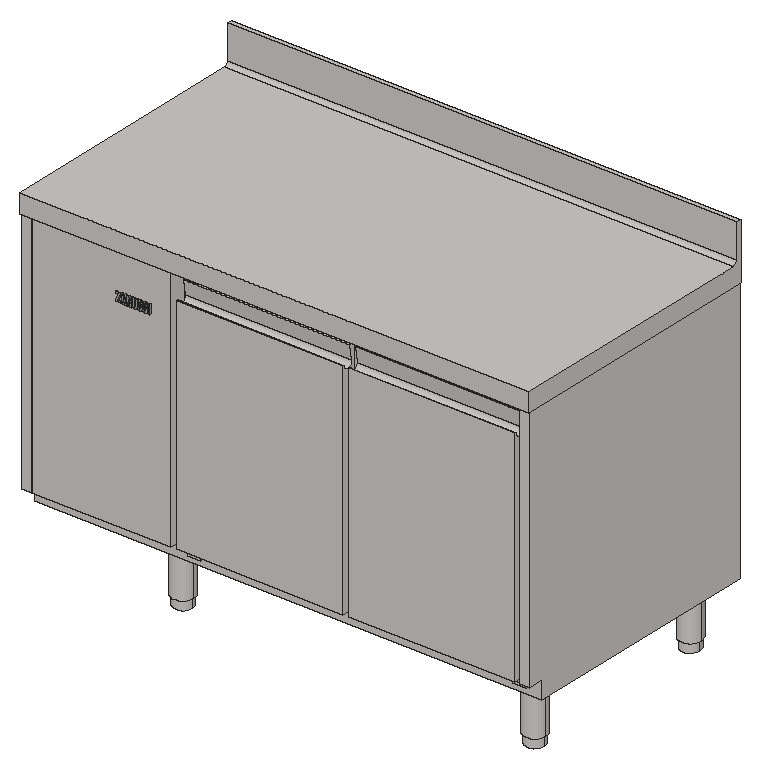
Revit family "QF_ZANUSSI_111022_ZH2H3AA", category Specialty Equipment, Revit 2018
Family settings
  Round Connector Dimension = Use Diameter
  Part Type = Normal
  Work Plane-Based = No
  Always vertical = Yes
  Cut with Voids When Loaded = No
  Shared = No
  Room Calculation Point = No
Parameters
  Weight = 0.00 kg
  Watts = 0.0232258 W
  Volts = 220 V
  URL Manufacturer = "http://www.zanussiprofessional.com/"
  URL = "http://www.zanussiprofessional.com/"
  Steam Supply Size = 0 mm
  Steam Supply Minimum Pressure = 0.0 Pa
  Steam Supply Maximum Pressure = 0.0 Pa
  Steam Pounds per Hour = 0
  Show Logo [instance] = yes
  Show Clearance [instance] = yes
  Refrigeration Suction Line Size = 0 mm
  Refrigeration Liquid Line Size = 0 mm
  Refrigerant Compressor Remote = yes
  Manufacturer = "Zanussi"
  Phase = 1
  Model = "ZH2H3AA"
  Length Actual = 1345 mm  # constant formula
  Item Number = "111022"
  Hot Water Size = 0 mm
  Height Actual = 1000 mm  # constant formula
  HP = "0.3 HP"
  Gas Size = 0 mm
  Gas KW = 0
  Gas Input Pressure = 0 W
  Description = "2 DOORS REFRIGER.TABLE 290L-SPLASHB"
  Depth Actual = 700 mm  # constant formula
  Cycle = 50 Hz
  Condensate Return Size = 0 mm
  Compressed Air Volume = 0.0 L/s
  Compressed Air Size = 0 mm
  Compressed Air Pressure = 0.0 Pa
  Cold Water Size = 0 mm
  Accessory = yes
Reference planes
  plane 1 "Center X": y = 182.5
  plane 2: z = 0
  plane 3 "Center Y": x = -126.5
  plane 4: y = -62.5
  plane 5: y = 451.5
  plane 6 "BACK": y = 532.5
  plane 7 "FRONT": y = -167.5
  plane 8: x = -452
  plane 9: x = 478
  plane 10: z = 150
  plane 11 "TOP": z = 900
  plane 12: z = 850
  plane 13 "LEFT": x = -797
  plane 14 "RIGHT": x = 544
  plane 15: x = -799
  plane 16: x = 546
Forms (mm)
  Extrusion 1, solid, material "QF_Finishes_Stainless Steel"
    sketch origin (-126.5, 2, 0) x (0, 1, 0) y (0, 0, 1)
      loop
        line (530.5, 150) -> (530.5, 850) -> (-124.5, 850) -> (-124.5, 150) -> (530.5, 150)
    from -670.5 to 670.5
  Extrusion 2, solid, material "QF_Finishes_Stainless Steel"
    sketch origin (-1022.223, -1524, 150) x (-1, 0, 0) y (0, -1, 0)
      loop
        line (-225.223, -1361.5) -> (-250.223, -1361.5) -> (-250.223, -1401.5) -> (-225.223, -1401.5) -> (-225.223, -1361.5)
      loop
        line (-1566.223, -1401.5) -> (-1541.223, -1401.5) -> (-1541.223, -1361.5) -> (-1566.223, -1361.5) -> (-1566.223, -1401.5)
    from 47 to 700
  Extrusion 3, solid, material "QF_Finishes_Stainless Steel"
    sketch origin (0, 0, 900) x (-1, 0, 0) y (0, -1, 0)
      loop
        circle (-57, -94.5) r 8.45
    from -790.577 to -750
  Extrusion 4, solid, material "QF_Finishes_Stainless Steel"
    sketch origin (0, 0, 0) x (1, 0, 0) y (0, 1, 0)
      loop
        circle (-713, 451.5) r 4
    from 109.423 to 150
  Extrusion 5, solid, material "QF_Finishes_Stainless Steel"
    sketch origin (-126.5, 0, 0) x (0, 1, 0) y (0, 0, 1)
      loop
        line (-167.5, 900) -> (-167.5, 850) -> (532.5, 850) -> (532.5, 1000) -> (519.5, 1000) -> (519.5, 910)
        arc (519.5, 910) -> (516.571, 902.929) -> (509.5, 900) r 10
        line (509.5, 900) -> (-167.5, 900)
    from 672.5 to -672.5
Cuts and joins
  joined: Extrusion 1, Extrusion 2
Lines and regions (mm)
  symbolic lines, style "SpecialityEquipmentHiddenLines"
    curve 1: line (-799, -122.5, 900) -> (546, -122.5, 900)
    curve 2: line (-396, -167.5, 900) -> (-396, -122.5, 900)
  symbolic lines, style "SpecialityEquipment"
    curve 3: line (-799, 532.5, 900) -> (546, 532.5, 900)
    curve 4: line (-799, 532.5, 900) -> (-799, -167.5, 900)
    curve 5: line (-799, -167.5, 900) -> (546, -167.5, 900)
    curve 6: line (546, -167.5, 900) -> (546, 532.5, 900)
    curve 7: line (-799, 519.5, 900) -> (546, 519.5, 900)
Dimensions and locks
  locked: plane 6 "BACK" to plane 7 "FRONT" at 700
  equal spacing: plane 6 "BACK", plane 1 "Center X", plane 7 "FRONT"
  locked: plane 6 "BACK" to plane 5 at 81
  plane 10 to level = 150 mm
  plane 11 "TOP" to plane 12 to plane 10 = 50 mm locked, 700 mm locked
  locked: Extrusion 2 sketch curve to Extrusion 2 sketch curve at 25  (x2)
  locked: plane 4 to plane 7 "FRONT" at 105
  locked: plane 6 "BACK" to Extrusion 3 sketch curve at 438
  equal spacing: plane 13 "LEFT", plane 3 "Center Y", plane 14 "RIGHT"
  plane 15 to plane 16 = 1345 mm
  locked: plane 13 "LEFT" to plane 8 at 345
  locked: plane 9 to plane 14 "RIGHT" at 66
  locked: Extrusion 3 sketch curve to plane 14 "RIGHT" at 487
  plane 13 "LEFT" to Extrusion 4 sketch curve = 84 mm
  locked: plane 6 "BACK" to Extrusion 4 sketch curve at 81
  locked: plane 10 to Extrusion 4 at 40.577
  aligned and locked: level to plane 2
  aligned and locked: plane 10 to Extrusion 3
  aligned and locked: nested 4 to plane 4
  aligned and locked: nested 1 to plane 4
  aligned and locked: nested 3 to plane 5
  aligned and locked: nested 2 to plane 5
  aligned and locked: plane 8 to nested 1
  aligned and locked: plane 8 to nested 2
  aligned and locked: plane 9 to nested 4
  aligned and locked: plane 9 to nested 3
  aligned and locked: Extrusion 1 to Extrusion 2
  aligned and locked: Extrusion 2 to Extrusion 1
  aligned and locked: Extrusion 2 sketch curve to plane 14 "RIGHT"
  aligned and locked: plane 13 "LEFT" to Extrusion 2 sketch curve
  aligned and locked: cut or joined group of Extrusion 1, Extrusion 2 to plane 10
  aligned and locked: plane 12 to cut or joined group of Extrusion 1, Extrusion 2
  aligned and locked: plane 10 to Extrusion 4
  aligned and locked: Extrusion 5 sketch curve to plane 11 "TOP"
  aligned and locked: plane 7 "FRONT" to Extrusion 5 sketch curve
  aligned and locked: Extrusion 5 sketch curve to cut or joined group of Extrusion 1, Extrusion 2  (x2)
  aligned and locked: Extrusion 5 to curve 3
Automatic sketch dimensions
  plane 7 "FRONT" to Extrusion 2 sketch curve = 45 mm  (x2)
  plane 7 "FRONT" to Extrusion 2 sketch curve = 5 mm  (x2)
  Extrusion 1 sketch curve to plane 10 = 0 mm
  Extrusion 1 sketch curve to plane 12 = 0 mm
  Extrusion 1 sketch curve to plane 6 "BACK" = 0 mm
  plane 7 "FRONT" to Extrusion 1 sketch curve = 45 mm
  plane 11 "TOP" to Extrusion 5 sketch curve = 10 mm
  Extrusion 5 sketch curve to plane 6 "BACK" = 23 mm
  Extrusion 5 sketch curve to Extrusion 5 sketch curve = 90 mm
  curve 2 to plane 7 "FRONT" = 0 mm
  curve 5 to plane 15 = 0 mm
  curve 3 to plane 6 "BACK" = 0 mm
  plane 8 to curve 2 = 56 mm
  curve 7 to plane 6 "BACK" = 13 mm
  plane 7 "FRONT" to curve 1 = 45 mm
  radius of Extrusion 3 sketch curve = 8.45 mm
  radius of Extrusion 4 sketch curve = 4 mm
Nested families
  nested 1: "Foot_Ø50_H150" at (-452, -62.5, 0), type "Foot_Ø50_H150"
  nested 2: "Foot_Ø50_H150" at (-452, 451.5, 0), type "Foot_Ø50_H150"
  nested 3: "Foot_Ø50_H150" at (478, 451.5, 0), type "Foot_Ø50_H150"
  nested 4: "Foot_Ø50_H150" at (478, -62.5, 0), type "Foot_Ø50_H150"
  nested 5: "Door" at (285, -164.5, 0), Show Clearance <- "Show Clearance", type "Door"
  nested 6: "Door" at (-169, -164.5, 0) x (-1, 0, 0) z (0, 0, 1), Show Clearance <- "Show Clearance", type "Door"
  nested 7: "Refrigerator" at (544, -167.5, 900), type "Refrigerator"
  nested 8: "ZAN_Cooling Unit" at (-587.5, -164.5, 0), Show Logo <- "Show Logo", type "ZAN_Cooling Unit"
Connectors
  electrical at (-713, 451.5, 109.423), driven by "Volts"
    settings: on Extrusion 4, index 4, voltage 220 V, apparent load 0 VA, apparent load phase1 0 VA, apparent load phase2 0 VA, apparent load phase3 0 VA, power factor 1, load classification "Altro", number of poles 1, system type 30, power factor state 1, is connector primary yes, connector utility no, sub classification motor no, connector description "Electrical Connection"
  piping at (57, 94.5, 109.423), diameter 17
    settings: on Extrusion 3, index 5, connector inside diameter 609.6 mm, connector length 0 mm, flow factor 0, pipe flow 0.0 L/s, pressure drop 0.0 Pa, fitting loss kfactor 0, connector angle 0.00°, fixture units 0, engagement length 0 mm, angle of deflection 0.00°, flow configuration 1, flow direction 2, fitting loss method 0, system type 16, joint type 0, gender type 0, connector reference index -1, connector utility 0, adjustable connector no, is connector primary yes, connector description "Drain"
Definition of nested family "Foot_Ø50_H150"
  Reference planes
    plane 1 "Centro (Fronte/Retro)": y = 0
    plane 2: z = 0
    plane 3 "Centro (Sinistra/Destra)": x = 0
    plane 4: z = 150
  Forms (mm)
    Revolve 1, solid
      sketch origin (255.05, 0, 608.09) x (0, 0, 1) y (-1, 0, 0)
        loop
          line (-608.09, 255.05) -> (-608.09, 230.05) -> (-583.09, 230.05) -> (-583.09, 226.05) -> (-458.09, 226.05) -> (-458.09, 255.05) -> (-608.09, 255.05)
        axis (-608.09, 255.05) -> (-458.09, 255.05)
      angle from 0 to 360
  Dimensions and locks
    locked: Revolve 1 sketch curve to Revolve 1 sketch curve at 125
    aligned and locked: level to plane 2
    aligned and locked: plane 4 to Revolve 1 sketch curve
    aligned and locked: Revolve 1 sketch curve to level
    aligned and locked: plane 3 "Centro (Sinistra/Destra)" to Revolve 1 sketch curve
Definition of nested family "Door"
  Parameters
    Show Clearance [instance] = yes
  Reference planes
    plane 1 "FRONT": y = -3
    plane 2: z = 0
    plane 3 "Centro (Sinistra/Destra)": x = 0
    plane 4: z = 150
    plane 5: z = 850
    plane 6: x = -234
    plane 7: x = 234
    plane 8: x = -220
    plane 9: x = 220
  Forms (mm)
    Extrusion 1, solid
      sketch origin (0, 53, 511) x (0, 0, 1) y (0, -1, 0)
        loop
          line (-323.003, 28.5) -> (-316.501, 28.5) -> (-316.501, 31) -> (-325.503, 31) -> (-325.503, 13.5) -> (-345.503, 13.5) -> (-345.503, 11) -> (-323.003, 11) -> (-323.003, 23.259) -> (-323.003, 28.5)
        loop
          line (-314, 27) -> (-316.501, 27) -> (-316.501, 18.501) -> (-319.752, 18.501) -> (-319.752, 16) -> (-314, 16) -> (-314, 27)
        loop
          line (315.003, 27) -> (315.003, 13.948) -> (315.003, 11) -> (327.503, 11) -> (327.503, 13.5) -> (317.503, 13.5) -> (317.503, 27) -> (315.003, 27)
      from 185 to 220
    Extrusion 2, solid, visible <- "Show Clearance", detail levels coarse
      sketch origin (0, 53, 511) x (0, -1, 0) y (1, 0, 0)
        loop
          line (51, 220) -> (51, -220)
          arc (51, -220) -> (339.234, -79.44) -> (454, 220) r 437.168
          line (454, 220) -> (51, 220)
      from -314 to 314
    Extrusion 3, solid
      sketch origin (0, 55, 511) x (0, 0, 1) y (0, -1, 0)
        loop
          line (314, 18) -> (314, 29) -> (274.395, 22.5)
          arc (274.395, 22.5) -> (260.395, 36.5) -> (274.395, 50.5) r 14
          line (274.395, 50.5) -> (274.395, 53) -> (-314, 53) -> (-314, 18) -> (314, 18)
      from -220 to 220
  Lines and regions (mm)
    symbolic lines
      curve 1: line (220, -3, 0) -> (220, -401, 0)
      curve 2: line (220, -401, 0) -> (185, -401, 0)
      curve 3: line (185, -401, 0) -> (185, -3, 0)
      curve 4: arc (-219.722, -3, 0) -> (-89.51, -275.368, 0) -> (185, -401, 0) r 442.855
  Dimensions and locks
    aligned and locked: level to plane 2
Definition of nested family "ZAN_Cooling Unit"
  Parameters
    Show Logo [instance] = yes
  Reference planes
    plane 1 "FRONT": y = -3
    plane 2: z = 0
    plane 3 "Centro (Sinistra/Destra)": x = 0
    plane 4: z = 150
    plane 5: z = 850
    plane 6: x = -184.5
    plane 7: x = 184.5
  Forms (mm)
    Extrusion 1, solid
      sketch origin (0, 55, 511) x (0, 0, 1) y (0, -1, 0)
        loop
          line (-314, 53) -> (-314, 13) -> (339, 13) -> (339, 53) -> (-314, 53)
      from -184.5 to 184.5
  Lines and regions (mm)
    Split face 1
      outline origin (0, 2, 197) x (0, 0, 1) y (-1, 0, 0)
        loop
          line (566.835, 184.5) -> (566.835, -184.5)
        loop
          line (521.835, 184.5) -> (521.835, -184.5)
    Split face 2
      outline origin (0, 2, 197) x (0, 0, 1) y (-1, 0, 0)
        loop
          arc (510.649, 158.547) -> (506.648, 162.548) -> (502.647, 158.547) r 4.001
          line (502.647, 158.547) -> (502.647, 116.535)
          arc (502.647, 116.535) -> (506.648, 112.533) -> (510.649, 116.535) r 4.001
          line (510.649, 116.535) -> (510.649, 158.547)
    Split face 3
      outline origin (0, 2, 184.996) x (0, 0, 1) y (-1, 0, 0)
        loop
          arc (510.649, 158.547) -> (506.648, 162.548) -> (502.647, 158.547) r 4.001
          line (502.647, 158.547) -> (502.647, 116.535)
          arc (502.647, 116.535) -> (506.648, 112.533) -> (510.649, 116.535) r 4.001
          line (510.649, 116.535) -> (510.649, 158.547)
    Split face 4
      outline origin (0, 2, 172.993) x (0, 0, 1) y (-1, 0, 0)
        loop
          arc (510.649, 158.547) -> (506.648, 162.548) -> (502.647, 158.547) r 4.001
          line (502.647, 158.547) -> (502.647, 116.535)
          arc (502.647, 116.535) -> (506.648, 112.533) -> (510.649, 116.535) r 4.001
          line (510.649, 116.535) -> (510.649, 158.547)
    Split face 5
      outline origin (0, 2, 160.989) x (0, 0, 1) y (-1, 0, 0)
        loop
          arc (510.649, 158.547) -> (506.648, 162.548) -> (502.647, 158.547) r 4.001
          line (502.647, 158.547) -> (502.647, 116.535)
          arc (502.647, 116.535) -> (506.648, 112.533) -> (510.649, 116.535) r 4.001
          line (510.649, 116.535) -> (510.649, 158.547)
    Split face 6
      outline origin (0, 2, 148.986) x (0, 0, 1) y (-1, 0, 0)
        loop
          arc (510.649, 158.547) -> (506.648, 162.548) -> (502.647, 158.547) r 4.001
          line (502.647, 158.547) -> (502.647, 116.535)
          arc (502.647, 116.535) -> (506.648, 112.533) -> (510.649, 116.535) r 4.001
          line (510.649, 116.535) -> (510.649, 158.547)
    Split face 7
      outline origin (0, 2, 136.982) x (0, 0, 1) y (-1, 0, 0)
        loop
          arc (510.649, 158.547) -> (506.648, 162.548) -> (502.647, 158.547) r 4.001
          line (502.647, 158.547) -> (502.647, 116.535)
          arc (502.647, 116.535) -> (506.648, 112.533) -> (510.649, 116.535) r 4.001
          line (510.649, 116.535) -> (510.649, 158.547)
    Split face 8
      outline origin (0, 2, 124.979) x (0, 0, 1) y (-1, 0, 0)
        loop
          arc (510.649, 158.547) -> (506.648, 162.548) -> (502.647, 158.547) r 4.001
          line (502.647, 158.547) -> (502.647, 116.535)
          arc (502.647, 116.535) -> (506.648, 112.533) -> (510.649, 116.535) r 4.001
          line (510.649, 116.535) -> (510.649, 158.547)
    Split face 9
      outline origin (0, 2, 112.975) x (0, 0, 1) y (-1, 0, 0)
        loop
          arc (510.649, 158.547) -> (506.648, 162.548) -> (502.647, 158.547) r 4.001
          line (502.647, 158.547) -> (502.647, 116.535)
          arc (502.647, 116.535) -> (506.648, 112.533) -> (510.649, 116.535) r 4.001
          line (510.649, 116.535) -> (510.649, 158.547)
    Split face 10
      outline origin (0, 2, 100.972) x (0, 0, 1) y (-1, 0, 0)
        loop
          arc (510.649, 158.547) -> (506.648, 162.548) -> (502.647, 158.547) r 4.001
          line (502.647, 158.547) -> (502.647, 116.535)
          arc (502.647, 116.535) -> (506.648, 112.533) -> (510.649, 116.535) r 4.001
          line (510.649, 116.535) -> (510.649, 158.547)
    Split face 11
      outline origin (0, 2, 88.968) x (0, 0, 1) y (-1, 0, 0)
        loop
          arc (510.649, 158.547) -> (506.648, 162.548) -> (502.647, 158.547) r 4.001
          line (502.647, 158.547) -> (502.647, 116.535)
          arc (502.647, 116.535) -> (506.648, 112.533) -> (510.649, 116.535) r 4.001
          line (510.649, 116.535) -> (510.649, 158.547)
    Split face 12
      outline origin (0, 2, 76.965) x (0, 0, 1) y (-1, 0, 0)
        loop
          arc (510.649, 158.547) -> (506.648, 162.548) -> (502.647, 158.547) r 4.001
          line (502.647, 158.547) -> (502.647, 116.535)
          arc (502.647, 116.535) -> (506.648, 112.533) -> (510.649, 116.535) r 4.001
          line (510.649, 116.535) -> (510.649, 158.547)
    Split face 13
      outline origin (0, 2, 64.961) x (0, 0, 1) y (-1, 0, 0)
        loop
          arc (510.649, 158.547) -> (506.648, 162.548) -> (502.647, 158.547) r 4.001
          line (502.647, 158.547) -> (502.647, 116.535)
          arc (502.647, 116.535) -> (506.648, 112.533) -> (510.649, 116.535) r 4.001
          line (510.649, 116.535) -> (510.649, 158.547)
    Split face 14
      outline origin (0, 2, 52.958) x (0, 0, 1) y (-1, 0, 0)
        loop
          arc (510.649, 158.547) -> (506.648, 162.548) -> (502.647, 158.547) r 4.001
          line (502.647, 158.547) -> (502.647, 116.535)
          arc (502.647, 116.535) -> (506.648, 112.533) -> (510.649, 116.535) r 4.001
          line (510.649, 116.535) -> (510.649, 158.547)
    Split face 15
      outline origin (0, 2, 40.954) x (0, 0, 1) y (-1, 0, 0)
        loop
          arc (510.649, 158.547) -> (506.648, 162.548) -> (502.647, 158.547) r 4.001
          line (502.647, 158.547) -> (502.647, 116.535)
          arc (502.647, 116.535) -> (506.648, 112.533) -> (510.649, 116.535) r 4.001
          line (510.649, 116.535) -> (510.649, 158.547)
    Split face 16
      outline origin (0, 2, 28.951) x (0, 0, 1) y (-1, 0, 0)
        loop
          arc (510.649, 158.547) -> (506.648, 162.548) -> (502.647, 158.547) r 4.001
          line (502.647, 158.547) -> (502.647, 116.535)
          arc (502.647, 116.535) -> (506.648, 112.533) -> (510.649, 116.535) r 4.001
          line (510.649, 116.535) -> (510.649, 158.547)
    Split face 17
      outline origin (0, 2, 16.947) x (0, 0, 1) y (-1, 0, 0)
        loop
          arc (510.649, 158.547) -> (506.648, 162.548) -> (502.647, 158.547) r 4.001
          line (502.647, 158.547) -> (502.647, 116.535)
          arc (502.647, 116.535) -> (506.648, 112.533) -> (510.649, 116.535) r 4.001
          line (510.649, 116.535) -> (510.649, 158.547)
    Split face 18
      outline origin (55.016, 2, 197) x (0, 0, 1) y (-1, 0, 0)
        loop
          arc (510.649, 158.547) -> (506.648, 162.548) -> (502.647, 158.547) r 4.001
          line (502.647, 158.547) -> (502.647, 116.535)
          arc (502.647, 116.535) -> (506.648, 112.533) -> (510.649, 116.535) r 4.001
          line (510.649, 116.535) -> (510.649, 158.547)
    Split face 19
      outline origin (55.016, 2, 184.996) x (0, 0, 1) y (-1, 0, 0)
        loop
          arc (510.649, 158.547) -> (506.648, 162.548) -> (502.647, 158.547) r 4.001
          line (502.647, 158.547) -> (502.647, 116.535)
          arc (502.647, 116.535) -> (506.648, 112.533) -> (510.649, 116.535) r 4.001
          line (510.649, 116.535) -> (510.649, 158.547)
    Split face 20
      outline origin (55.016, 2, 172.993) x (0, 0, 1) y (-1, 0, 0)
        loop
          arc (510.649, 158.547) -> (506.648, 162.548) -> (502.647, 158.547) r 4.001
          line (502.647, 158.547) -> (502.647, 116.535)
          arc (502.647, 116.535) -> (506.648, 112.533) -> (510.649, 116.535) r 4.001
          line (510.649, 116.535) -> (510.649, 158.547)
    Split face 21
      outline origin (55.016, 2, 160.989) x (0, 0, 1) y (-1, 0, 0)
        loop
          arc (510.649, 158.547) -> (506.648, 162.548) -> (502.647, 158.547) r 4.001
          line (502.647, 158.547) -> (502.647, 116.535)
          arc (502.647, 116.535) -> (506.648, 112.533) -> (510.649, 116.535) r 4.001
          line (510.649, 116.535) -> (510.649, 158.547)
    Split face 22
      outline origin (55.016, 2, 148.986) x (0, 0, 1) y (-1, 0, 0)
        loop
          arc (510.649, 158.547) -> (506.648, 162.548) -> (502.647, 158.547) r 4.001
          line (502.647, 158.547) -> (502.647, 116.535)
          arc (502.647, 116.535) -> (506.648, 112.533) -> (510.649, 116.535) r 4.001
          line (510.649, 116.535) -> (510.649, 158.547)
    Split face 23
      outline origin (55.016, 2, 136.982) x (0, 0, 1) y (-1, 0, 0)
        loop
          arc (510.649, 158.547) -> (506.648, 162.548) -> (502.647, 158.547) r 4.001
          line (502.647, 158.547) -> (502.647, 116.535)
          arc (502.647, 116.535) -> (506.648, 112.533) -> (510.649, 116.535) r 4.001
          line (510.649, 116.535) -> (510.649, 158.547)
    Split face 24
      outline origin (55.016, 2, 124.979) x (0, 0, 1) y (-1, 0, 0)
        loop
          arc (510.649, 158.547) -> (506.648, 162.548) -> (502.647, 158.547) r 4.001
          line (502.647, 158.547) -> (502.647, 116.535)
          arc (502.647, 116.535) -> (506.648, 112.533) -> (510.649, 116.535) r 4.001
          line (510.649, 116.535) -> (510.649, 158.547)
    Split face 25
      outline origin (55.016, 2, 112.975) x (0, 0, 1) y (-1, 0, 0)
        loop
          arc (510.649, 158.547) -> (506.648, 162.548) -> (502.647, 158.547) r 4.001
          line (502.647, 158.547) -> (502.647, 116.535)
          arc (502.647, 116.535) -> (506.648, 112.533) -> (510.649, 116.535) r 4.001
          line (510.649, 116.535) -> (510.649, 158.547)
    Split face 26
      outline origin (55.016, 2, 100.972) x (0, 0, 1) y (-1, 0, 0)
        loop
          arc (510.649, 158.547) -> (506.648, 162.548) -> (502.647, 158.547) r 4.001
          line (502.647, 158.547) -> (502.647, 116.535)
          arc (502.647, 116.535) -> (506.648, 112.533) -> (510.649, 116.535) r 4.001
          line (510.649, 116.535) -> (510.649, 158.547)
    Split face 27
      outline origin (55.016, 2, 88.968) x (0, 0, 1) y (-1, 0, 0)
        loop
          arc (510.649, 158.547) -> (506.648, 162.548) -> (502.647, 158.547) r 4.001
          line (502.647, 158.547) -> (502.647, 116.535)
          arc (502.647, 116.535) -> (506.648, 112.533) -> (510.649, 116.535) r 4.001
          line (510.649, 116.535) -> (510.649, 158.547)
    Split face 28
      outline origin (55.016, 2, 76.965) x (0, 0, 1) y (-1, 0, 0)
        loop
          arc (510.649, 158.547) -> (506.648, 162.548) -> (502.647, 158.547) r 4.001
          line (502.647, 158.547) -> (502.647, 116.535)
          arc (502.647, 116.535) -> (506.648, 112.533) -> (510.649, 116.535) r 4.001
          line (510.649, 116.535) -> (510.649, 158.547)
    Split face 29
      outline origin (55.016, 2, 64.961) x (0, 0, 1) y (-1, 0, 0)
        loop
          arc (510.649, 158.547) -> (506.648, 162.548) -> (502.647, 158.547) r 4.001
          line (502.647, 158.547) -> (502.647, 116.535)
          arc (502.647, 116.535) -> (506.648, 112.533) -> (510.649, 116.535) r 4.001
          line (510.649, 116.535) -> (510.649, 158.547)
    Split face 30
      outline origin (55.016, 2, 52.958) x (0, 0, 1) y (-1, 0, 0)
        loop
          arc (510.649, 158.547) -> (506.648, 162.548) -> (502.647, 158.547) r 4.001
          line (502.647, 158.547) -> (502.647, 116.535)
          arc (502.647, 116.535) -> (506.648, 112.533) -> (510.649, 116.535) r 4.001
          line (510.649, 116.535) -> (510.649, 158.547)
    Split face 31
      outline origin (55.016, 2, 40.954) x (0, 0, 1) y (-1, 0, 0)
        loop
          arc (510.649, 158.547) -> (506.648, 162.548) -> (502.647, 158.547) r 4.001
          line (502.647, 158.547) -> (502.647, 116.535)
          arc (502.647, 116.535) -> (506.648, 112.533) -> (510.649, 116.535) r 4.001
          line (510.649, 116.535) -> (510.649, 158.547)
    Split face 32
      outline origin (55.016, 2, 28.951) x (0, 0, 1) y (-1, 0, 0)
        loop
          arc (510.649, 158.547) -> (506.648, 162.548) -> (502.647, 158.547) r 4.001
          line (502.647, 158.547) -> (502.647, 116.535)
          arc (502.647, 116.535) -> (506.648, 112.533) -> (510.649, 116.535) r 4.001
          line (510.649, 116.535) -> (510.649, 158.547)
    Split face 33
      outline origin (55.016, 2, 16.947) x (0, 0, 1) y (-1, 0, 0)
        loop
          arc (510.649, 158.547) -> (506.648, 162.548) -> (502.647, 158.547) r 4.001
          line (502.647, 158.547) -> (502.647, 116.535)
          arc (502.647, 116.535) -> (506.648, 112.533) -> (510.649, 116.535) r 4.001
          line (510.649, 116.535) -> (510.649, 158.547)
    Split face 34
      outline origin (110.032, 2, 197) x (0, 0, 1) y (-1, 0, 0)
        loop
          arc (510.649, 158.547) -> (506.648, 162.548) -> (502.647, 158.547) r 4.001
          line (502.647, 158.547) -> (502.647, 116.535)
          arc (502.647, 116.535) -> (506.648, 112.533) -> (510.649, 116.535) r 4.001
          line (510.649, 116.535) -> (510.649, 158.547)
    Split face 35
      outline origin (110.032, 2, 184.996) x (0, 0, 1) y (-1, 0, 0)
        loop
          arc (510.649, 158.547) -> (506.648, 162.548) -> (502.647, 158.547) r 4.001
          line (502.647, 158.547) -> (502.647, 116.535)
          arc (502.647, 116.535) -> (506.648, 112.533) -> (510.649, 116.535) r 4.001
          line (510.649, 116.535) -> (510.649, 158.547)
    Split face 36
      outline origin (110.032, 2, 172.993) x (0, 0, 1) y (-1, 0, 0)
        loop
          arc (510.649, 158.547) -> (506.648, 162.548) -> (502.647, 158.547) r 4.001
          line (502.647, 158.547) -> (502.647, 116.535)
          arc (502.647, 116.535) -> (506.648, 112.533) -> (510.649, 116.535) r 4.001
          line (510.649, 116.535) -> (510.649, 158.547)
    Split face 37
      outline origin (110.032, 2, 160.989) x (0, 0, 1) y (-1, 0, 0)
        loop
          arc (510.649, 158.547) -> (506.648, 162.548) -> (502.647, 158.547) r 4.001
          line (502.647, 158.547) -> (502.647, 116.535)
          arc (502.647, 116.535) -> (506.648, 112.533) -> (510.649, 116.535) r 4.001
          line (510.649, 116.535) -> (510.649, 158.547)
    Split face 38
      outline origin (110.032, 2, 148.986) x (0, 0, 1) y (-1, 0, 0)
        loop
          arc (510.649, 158.547) -> (506.648, 162.548) -> (502.647, 158.547) r 4.001
          line (502.647, 158.547) -> (502.647, 116.535)
          arc (502.647, 116.535) -> (506.648, 112.533) -> (510.649, 116.535) r 4.001
          line (510.649, 116.535) -> (510.649, 158.547)
    Split face 39
      outline origin (110.032, 2, 136.982) x (0, 0, 1) y (-1, 0, 0)
        loop
          arc (510.649, 158.547) -> (506.648, 162.548) -> (502.647, 158.547) r 4.001
          line (502.647, 158.547) -> (502.647, 116.535)
          arc (502.647, 116.535) -> (506.648, 112.533) -> (510.649, 116.535) r 4.001
          line (510.649, 116.535) -> (510.649, 158.547)
    Split face 40
      outline origin (110.032, 2, 124.979) x (0, 0, 1) y (-1, 0, 0)
        loop
          arc (510.649, 158.547) -> (506.648, 162.548) -> (502.647, 158.547) r 4.001
          line (502.647, 158.547) -> (502.647, 116.535)
          arc (502.647, 116.535) -> (506.648, 112.533) -> (510.649, 116.535) r 4.001
          line (510.649, 116.535) -> (510.649, 158.547)
    Split face 41
      outline origin (110.032, 2, 112.975) x (0, 0, 1) y (-1, 0, 0)
        loop
          arc (510.649, 158.547) -> (506.648, 162.548) -> (502.647, 158.547) r 4.001
          line (502.647, 158.547) -> (502.647, 116.535)
          arc (502.647, 116.535) -> (506.648, 112.533) -> (510.649, 116.535) r 4.001
          line (510.649, 116.535) -> (510.649, 158.547)
    Split face 42
      outline origin (110.032, 2, 100.972) x (0, 0, 1) y (-1, 0, 0)
        loop
          arc (510.649, 158.547) -> (506.648, 162.548) -> (502.647, 158.547) r 4.001
          line (502.647, 158.547) -> (502.647, 116.535)
          arc (502.647, 116.535) -> (506.648, 112.533) -> (510.649, 116.535) r 4.001
          line (510.649, 116.535) -> (510.649, 158.547)
    Split face 43
      outline origin (110.032, 2, 88.968) x (0, 0, 1) y (-1, 0, 0)
        loop
          arc (510.649, 158.547) -> (506.648, 162.548) -> (502.647, 158.547) r 4.001
          line (502.647, 158.547) -> (502.647, 116.535)
          arc (502.647, 116.535) -> (506.648, 112.533) -> (510.649, 116.535) r 4.001
          line (510.649, 116.535) -> (510.649, 158.547)
    Split face 44
      outline origin (110.032, 2, 76.965) x (0, 0, 1) y (-1, 0, 0)
        loop
          arc (510.649, 158.547) -> (506.648, 162.548) -> (502.647, 158.547) r 4.001
          line (502.647, 158.547) -> (502.647, 116.535)
          arc (502.647, 116.535) -> (506.648, 112.533) -> (510.649, 116.535) r 4.001
          line (510.649, 116.535) -> (510.649, 158.547)
    Split face 45
      outline origin (110.032, 2, 64.961) x (0, 0, 1) y (-1, 0, 0)
        loop
          arc (510.649, 158.547) -> (506.648, 162.548) -> (502.647, 158.547) r 4.001
          line (502.647, 158.547) -> (502.647, 116.535)
          arc (502.647, 116.535) -> (506.648, 112.533) -> (510.649, 116.535) r 4.001
          line (510.649, 116.535) -> (510.649, 158.547)
    Split face 46
      outline origin (110.032, 2, 52.958) x (0, 0, 1) y (-1, 0, 0)
        loop
          arc (510.649, 158.547) -> (506.648, 162.548) -> (502.647, 158.547) r 4.001
          line (502.647, 158.547) -> (502.647, 116.535)
          arc (502.647, 116.535) -> (506.648, 112.533) -> (510.649, 116.535) r 4.001
          line (510.649, 116.535) -> (510.649, 158.547)
    Split face 47
      outline origin (110.032, 2, 40.954) x (0, 0, 1) y (-1, 0, 0)
        loop
          arc (510.649, 158.547) -> (506.648, 162.548) -> (502.647, 158.547) r 4.001
          line (502.647, 158.547) -> (502.647, 116.535)
          arc (502.647, 116.535) -> (506.648, 112.533) -> (510.649, 116.535) r 4.001
          line (510.649, 116.535) -> (510.649, 158.547)
    Split face 48
      outline origin (110.032, 2, 28.951) x (0, 0, 1) y (-1, 0, 0)
        loop
          arc (510.649, 158.547) -> (506.648, 162.548) -> (502.647, 158.547) r 4.001
          line (502.647, 158.547) -> (502.647, 116.535)
          arc (502.647, 116.535) -> (506.648, 112.533) -> (510.649, 116.535) r 4.001
          line (510.649, 116.535) -> (510.649, 158.547)
    Split face 49
      outline origin (110.032, 2, 16.947) x (0, 0, 1) y (-1, 0, 0)
        loop
          arc (510.649, 158.547) -> (506.648, 162.548) -> (502.647, 158.547) r 4.001
          line (502.647, 158.547) -> (502.647, 116.535)
          arc (502.647, 116.535) -> (506.648, 112.533) -> (510.649, 116.535) r 4.001
          line (510.649, 116.535) -> (510.649, 158.547)
    Split face 50
      outline origin (165.048, 2, 197) x (0, 0, 1) y (-1, 0, 0)
        loop
          arc (510.649, 158.547) -> (506.648, 162.548) -> (502.647, 158.547) r 4.001
          line (502.647, 158.547) -> (502.647, 116.535)
          arc (502.647, 116.535) -> (506.648, 112.533) -> (510.649, 116.535) r 4.001
          line (510.649, 116.535) -> (510.649, 158.547)
    Split face 51
      outline origin (165.048, 2, 184.996) x (0, 0, 1) y (-1, 0, 0)
        loop
          arc (510.649, 158.547) -> (506.648, 162.548) -> (502.647, 158.547) r 4.001
          line (502.647, 158.547) -> (502.647, 116.535)
          arc (502.647, 116.535) -> (506.648, 112.533) -> (510.649, 116.535) r 4.001
          line (510.649, 116.535) -> (510.649, 158.547)
    Split face 52
      outline origin (165.048, 2, 172.993) x (0, 0, 1) y (-1, 0, 0)
        loop
          arc (510.649, 158.547) -> (506.648, 162.548) -> (502.647, 158.547) r 4.001
          line (502.647, 158.547) -> (502.647, 116.535)
          arc (502.647, 116.535) -> (506.648, 112.533) -> (510.649, 116.535) r 4.001
          line (510.649, 116.535) -> (510.649, 158.547)
    Split face 53
      outline origin (165.048, 2, 160.989) x (0, 0, 1) y (-1, 0, 0)
        loop
          arc (510.649, 158.547) -> (506.648, 162.548) -> (502.647, 158.547) r 4.001
          line (502.647, 158.547) -> (502.647, 116.535)
          arc (502.647, 116.535) -> (506.648, 112.533) -> (510.649, 116.535) r 4.001
          line (510.649, 116.535) -> (510.649, 158.547)
    Split face 54
      outline origin (165.048, 2, 148.986) x (0, 0, 1) y (-1, 0, 0)
        loop
          arc (510.649, 158.547) -> (506.648, 162.548) -> (502.647, 158.547) r 4.001
          line (502.647, 158.547) -> (502.647, 116.535)
          arc (502.647, 116.535) -> (506.648, 112.533) -> (510.649, 116.535) r 4.001
          line (510.649, 116.535) -> (510.649, 158.547)
    Split face 55
      outline origin (165.048, 2, 136.982) x (0, 0, 1) y (-1, 0, 0)
        loop
          arc (510.649, 158.547) -> (506.648, 162.548) -> (502.647, 158.547) r 4.001
          line (502.647, 158.547) -> (502.647, 116.535)
          arc (502.647, 116.535) -> (506.648, 112.533) -> (510.649, 116.535) r 4.001
          line (510.649, 116.535) -> (510.649, 158.547)
    Split face 56
      outline origin (165.048, 2, 124.979) x (0, 0, 1) y (-1, 0, 0)
        loop
          arc (510.649, 158.547) -> (506.648, 162.548) -> (502.647, 158.547) r 4.001
          line (502.647, 158.547) -> (502.647, 116.535)
          arc (502.647, 116.535) -> (506.648, 112.533) -> (510.649, 116.535) r 4.001
          line (510.649, 116.535) -> (510.649, 158.547)
    Split face 57
      outline origin (165.048, 2, 112.975) x (0, 0, 1) y (-1, 0, 0)
        loop
          arc (510.649, 158.547) -> (506.648, 162.548) -> (502.647, 158.547) r 4.001
          line (502.647, 158.547) -> (502.647, 116.535)
          arc (502.647, 116.535) -> (506.648, 112.533) -> (510.649, 116.535) r 4.001
          line (510.649, 116.535) -> (510.649, 158.547)
    Split face 58
      outline origin (165.048, 2, 100.972) x (0, 0, 1) y (-1, 0, 0)
        loop
          arc (510.649, 158.547) -> (506.648, 162.548) -> (502.647, 158.547) r 4.001
          line (502.647, 158.547) -> (502.647, 116.535)
          arc (502.647, 116.535) -> (506.648, 112.533) -> (510.649, 116.535) r 4.001
          line (510.649, 116.535) -> (510.649, 158.547)
    Split face 59
      outline origin (165.048, 2, 88.968) x (0, 0, 1) y (-1, 0, 0)
        loop
          arc (510.649, 158.547) -> (506.648, 162.548) -> (502.647, 158.547) r 4.001
          line (502.647, 158.547) -> (502.647, 116.535)
          arc (502.647, 116.535) -> (506.648, 112.533) -> (510.649, 116.535) r 4.001
          line (510.649, 116.535) -> (510.649, 158.547)
    Split face 60
      outline origin (165.048, 2, 76.965) x (0, 0, 1) y (-1, 0, 0)
        loop
          arc (510.649, 158.547) -> (506.648, 162.548) -> (502.647, 158.547) r 4.001
          line (502.647, 158.547) -> (502.647, 116.535)
          arc (502.647, 116.535) -> (506.648, 112.533) -> (510.649, 116.535) r 4.001
          line (510.649, 116.535) -> (510.649, 158.547)
    Split face 61
      outline origin (165.048, 2, 64.961) x (0, 0, 1) y (-1, 0, 0)
        loop
          arc (510.649, 158.547) -> (506.648, 162.548) -> (502.647, 158.547) r 4.001
          line (502.647, 158.547) -> (502.647, 116.535)
          arc (502.647, 116.535) -> (506.648, 112.533) -> (510.649, 116.535) r 4.001
          line (510.649, 116.535) -> (510.649, 158.547)
    Split face 62
      outline origin (165.048, 2, 52.958) x (0, 0, 1) y (-1, 0, 0)
        loop
          arc (510.649, 158.547) -> (506.648, 162.548) -> (502.647, 158.547) r 4.001
          line (502.647, 158.547) -> (502.647, 116.535)
          arc (502.647, 116.535) -> (506.648, 112.533) -> (510.649, 116.535) r 4.001
          line (510.649, 116.535) -> (510.649, 158.547)
    Split face 63
      outline origin (165.048, 2, 40.954) x (0, 0, 1) y (-1, 0, 0)
        loop
          arc (510.649, 158.547) -> (506.648, 162.548) -> (502.647, 158.547) r 4.001
          line (502.647, 158.547) -> (502.647, 116.535)
          arc (502.647, 116.535) -> (506.648, 112.533) -> (510.649, 116.535) r 4.001
          line (510.649, 116.535) -> (510.649, 158.547)
    Split face 64
      outline origin (165.048, 2, 28.951) x (0, 0, 1) y (-1, 0, 0)
        loop
          arc (510.649, 158.547) -> (506.648, 162.548) -> (502.647, 158.547) r 4.001
          line (502.647, 158.547) -> (502.647, 116.535)
          arc (502.647, 116.535) -> (506.648, 112.533) -> (510.649, 116.535) r 4.001
          line (510.649, 116.535) -> (510.649, 158.547)
    Split face 65
      outline origin (165.048, 2, 16.947) x (0, 0, 1) y (-1, 0, 0)
        loop
          arc (510.649, 158.547) -> (506.648, 162.548) -> (502.647, 158.547) r 4.001
          line (502.647, 158.547) -> (502.647, 116.535)
          arc (502.647, 116.535) -> (506.648, 112.533) -> (510.649, 116.535) r 4.001
          line (510.649, 116.535) -> (510.649, 158.547)
    Split face 66
      outline origin (220.064, 2, 197) x (0, 0, 1) y (-1, 0, 0)
        loop
          arc (510.649, 158.547) -> (506.648, 162.548) -> (502.647, 158.547) r 4.001
          line (502.647, 158.547) -> (502.647, 116.535)
          arc (502.647, 116.535) -> (506.648, 112.533) -> (510.649, 116.535) r 4.001
          line (510.649, 116.535) -> (510.649, 158.547)
    Split face 67
      outline origin (220.064, 2, 184.996) x (0, 0, 1) y (-1, 0, 0)
        loop
          arc (510.649, 158.547) -> (506.648, 162.548) -> (502.647, 158.547) r 4.001
          line (502.647, 158.547) -> (502.647, 116.535)
          arc (502.647, 116.535) -> (506.648, 112.533) -> (510.649, 116.535) r 4.001
          line (510.649, 116.535) -> (510.649, 158.547)
    Split face 68
      outline origin (220.064, 2, 172.993) x (0, 0, 1) y (-1, 0, 0)
        loop
          arc (510.649, 158.547) -> (506.648, 162.548) -> (502.647, 158.547) r 4.001
          line (502.647, 158.547) -> (502.647, 116.535)
          arc (502.647, 116.535) -> (506.648, 112.533) -> (510.649, 116.535) r 4.001
          line (510.649, 116.535) -> (510.649, 158.547)
    Split face 69
      outline origin (220.064, 2, 160.989) x (0, 0, 1) y (-1, 0, 0)
        loop
          arc (510.649, 158.547) -> (506.648, 162.548) -> (502.647, 158.547) r 4.001
          line (502.647, 158.547) -> (502.647, 116.535)
          arc (502.647, 116.535) -> (506.648, 112.533) -> (510.649, 116.535) r 4.001
          line (510.649, 116.535) -> (510.649, 158.547)
    Split face 70
      outline origin (220.064, 2, 148.986) x (0, 0, 1) y (-1, 0, 0)
        loop
          arc (510.649, 158.547) -> (506.648, 162.548) -> (502.647, 158.547) r 4.001
          line (502.647, 158.547) -> (502.647, 116.535)
          arc (502.647, 116.535) -> (506.648, 112.533) -> (510.649, 116.535) r 4.001
          line (510.649, 116.535) -> (510.649, 158.547)
    Split face 71
      outline origin (220.064, 2, 136.982) x (0, 0, 1) y (-1, 0, 0)
        loop
          arc (510.649, 158.547) -> (506.648, 162.548) -> (502.647, 158.547) r 4.001
          line (502.647, 158.547) -> (502.647, 116.535)
          arc (502.647, 116.535) -> (506.648, 112.533) -> (510.649, 116.535) r 4.001
          line (510.649, 116.535) -> (510.649, 158.547)
    Split face 72
      outline origin (220.064, 2, 124.979) x (0, 0, 1) y (-1, 0, 0)
        loop
          arc (510.649, 158.547) -> (506.648, 162.548) -> (502.647, 158.547) r 4.001
          line (502.647, 158.547) -> (502.647, 116.535)
          arc (502.647, 116.535) -> (506.648, 112.533) -> (510.649, 116.535) r 4.001
          line (510.649, 116.535) -> (510.649, 158.547)
    Split face 73
      outline origin (220.064, 2, 112.975) x (0, 0, 1) y (-1, 0, 0)
        loop
          arc (510.649, 158.547) -> (506.648, 162.548) -> (502.647, 158.547) r 4.001
          line (502.647, 158.547) -> (502.647, 116.535)
          arc (502.647, 116.535) -> (506.648, 112.533) -> (510.649, 116.535) r 4.001
          line (510.649, 116.535) -> (510.649, 158.547)
    Split face 74
      outline origin (220.064, 2, 100.972) x (0, 0, 1) y (-1, 0, 0)
        loop
          arc (510.649, 158.547) -> (506.648, 162.548) -> (502.647, 158.547) r 4.001
          line (502.647, 158.547) -> (502.647, 116.535)
          arc (502.647, 116.535) -> (506.648, 112.533) -> (510.649, 116.535) r 4.001
          line (510.649, 116.535) -> (510.649, 158.547)
    Split face 75
      outline origin (220.064, 2, 88.968) x (0, 0, 1) y (-1, 0, 0)
        loop
          arc (510.649, 158.547) -> (506.648, 162.548) -> (502.647, 158.547) r 4.001
          line (502.647, 158.547) -> (502.647, 116.535)
          arc (502.647, 116.535) -> (506.648, 112.533) -> (510.649, 116.535) r 4.001
          line (510.649, 116.535) -> (510.649, 158.547)
    Split face 76
      outline origin (220.064, 2, 76.965) x (0, 0, 1) y (-1, 0, 0)
        loop
          arc (510.649, 158.547) -> (506.648, 162.548) -> (502.647, 158.547) r 4.001
          line (502.647, 158.547) -> (502.647, 116.535)
          arc (502.647, 116.535) -> (506.648, 112.533) -> (510.649, 116.535) r 4.001
          line (510.649, 116.535) -> (510.649, 158.547)
    Split face 77
      outline origin (220.064, 2, 64.961) x (0, 0, 1) y (-1, 0, 0)
        loop
          arc (510.649, 158.547) -> (506.648, 162.548) -> (502.647, 158.547) r 4.001
          line (502.647, 158.547) -> (502.647, 116.535)
          arc (502.647, 116.535) -> (506.648, 112.533) -> (510.649, 116.535) r 4.001
          line (510.649, 116.535) -> (510.649, 158.547)
    Split face 78
      outline origin (220.064, 2, 52.958) x (0, 0, 1) y (-1, 0, 0)
        loop
          arc (510.649, 158.547) -> (506.648, 162.548) -> (502.647, 158.547) r 4.001
          line (502.647, 158.547) -> (502.647, 116.535)
          arc (502.647, 116.535) -> (506.648, 112.533) -> (510.649, 116.535) r 4.001
          line (510.649, 116.535) -> (510.649, 158.547)
    Split face 79
      outline origin (220.064, 2, 40.954) x (0, 0, 1) y (-1, 0, 0)
        loop
          arc (510.649, 158.547) -> (506.648, 162.548) -> (502.647, 158.547) r 4.001
          line (502.647, 158.547) -> (502.647, 116.535)
          arc (502.647, 116.535) -> (506.648, 112.533) -> (510.649, 116.535) r 4.001
          line (510.649, 116.535) -> (510.649, 158.547)
    Split face 80
      outline origin (220.064, 2, 28.951) x (0, 0, 1) y (-1, 0, 0)
        loop
          arc (510.649, 158.547) -> (506.648, 162.548) -> (502.647, 158.547) r 4.001
          line (502.647, 158.547) -> (502.647, 116.535)
          arc (502.647, 116.535) -> (506.648, 112.533) -> (510.649, 116.535) r 4.001
          line (510.649, 116.535) -> (510.649, 158.547)
    Split face 81
      outline origin (220.064, 2, 16.947) x (0, 0, 1) y (-1, 0, 0)
        loop
          arc (510.649, 158.547) -> (506.648, 162.548) -> (502.647, 158.547) r 4.001
          line (502.647, 158.547) -> (502.647, 116.535)
          arc (502.647, 116.535) -> (506.648, 112.533) -> (510.649, 116.535) r 4.001
          line (510.649, 116.535) -> (510.649, 158.547)
    Split face 82
      outline origin (275.081, 2, 197) x (0, 0, 1) y (-1, 0, 0)
        loop
          arc (510.649, 158.547) -> (506.648, 162.548) -> (502.647, 158.547) r 4.001
          line (502.647, 158.547) -> (502.647, 116.535)
          arc (502.647, 116.535) -> (506.648, 112.533) -> (510.649, 116.535) r 4.001
          line (510.649, 116.535) -> (510.649, 158.547)
    Split face 83
      outline origin (275.081, 2, 184.996) x (0, 0, 1) y (-1, 0, 0)
        loop
          arc (510.649, 158.547) -> (506.648, 162.548) -> (502.647, 158.547) r 4.001
          line (502.647, 158.547) -> (502.647, 116.535)
          arc (502.647, 116.535) -> (506.648, 112.533) -> (510.649, 116.535) r 4.001
          line (510.649, 116.535) -> (510.649, 158.547)
    Split face 84
      outline origin (275.081, 2, 172.993) x (0, 0, 1) y (-1, 0, 0)
        loop
          arc (510.649, 158.547) -> (506.648, 162.548) -> (502.647, 158.547) r 4.001
          line (502.647, 158.547) -> (502.647, 116.535)
          arc (502.647, 116.535) -> (506.648, 112.533) -> (510.649, 116.535) r 4.001
          line (510.649, 116.535) -> (510.649, 158.547)
    Split face 85
      outline origin (275.081, 2, 160.989) x (0, 0, 1) y (-1, 0, 0)
        loop
          arc (510.649, 158.547) -> (506.648, 162.548) -> (502.647, 158.547) r 4.001
          line (502.647, 158.547) -> (502.647, 116.535)
          arc (502.647, 116.535) -> (506.648, 112.533) -> (510.649, 116.535) r 4.001
          line (510.649, 116.535) -> (510.649, 158.547)
    Split face 86
      outline origin (275.081, 2, 148.986) x (0, 0, 1) y (-1, 0, 0)
        loop
          arc (510.649, 158.547) -> (506.648, 162.548) -> (502.647, 158.547) r 4.001
          line (502.647, 158.547) -> (502.647, 116.535)
          arc (502.647, 116.535) -> (506.648, 112.533) -> (510.649, 116.535) r 4.001
          line (510.649, 116.535) -> (510.649, 158.547)
    Split face 87
      outline origin (275.081, 2, 136.982) x (0, 0, 1) y (-1, 0, 0)
        loop
          arc (510.649, 158.547) -> (506.648, 162.548) -> (502.647, 158.547) r 4.001
          line (502.647, 158.547) -> (502.647, 116.535)
          arc (502.647, 116.535) -> (506.648, 112.533) -> (510.649, 116.535) r 4.001
          line (510.649, 116.535) -> (510.649, 158.547)
    Split face 88
      outline origin (275.081, 2, 124.979) x (0, 0, 1) y (-1, 0, 0)
        loop
          arc (510.649, 158.547) -> (506.648, 162.548) -> (502.647, 158.547) r 4.001
          line (502.647, 158.547) -> (502.647, 116.535)
          arc (502.647, 116.535) -> (506.648, 112.533) -> (510.649, 116.535) r 4.001
          line (510.649, 116.535) -> (510.649, 158.547)
    Split face 89
      outline origin (275.081, 2, 112.975) x (0, 0, 1) y (-1, 0, 0)
        loop
          arc (510.649, 158.547) -> (506.648, 162.548) -> (502.647, 158.547) r 4.001
          line (502.647, 158.547) -> (502.647, 116.535)
          arc (502.647, 116.535) -> (506.648, 112.533) -> (510.649, 116.535) r 4.001
          line (510.649, 116.535) -> (510.649, 158.547)
    Split face 90
      outline origin (275.081, 2, 100.972) x (0, 0, 1) y (-1, 0, 0)
        loop
          arc (510.649, 158.547) -> (506.648, 162.548) -> (502.647, 158.547) r 4.001
          line (502.647, 158.547) -> (502.647, 116.535)
          arc (502.647, 116.535) -> (506.648, 112.533) -> (510.649, 116.535) r 4.001
          line (510.649, 116.535) -> (510.649, 158.547)
    Split face 91
      outline origin (275.081, 2, 88.968) x (0, 0, 1) y (-1, 0, 0)
        loop
          arc (510.649, 158.547) -> (506.648, 162.548) -> (502.647, 158.547) r 4.001
          line (502.647, 158.547) -> (502.647, 116.535)
          arc (502.647, 116.535) -> (506.648, 112.533) -> (510.649, 116.535) r 4.001
          line (510.649, 116.535) -> (510.649, 158.547)
    Split face 92
      outline origin (275.081, 2, 76.965) x (0, 0, 1) y (-1, 0, 0)
        loop
          arc (510.649, 158.547) -> (506.648, 162.548) -> (502.647, 158.547) r 4.001
          line (502.647, 158.547) -> (502.647, 116.535)
          arc (502.647, 116.535) -> (506.648, 112.533) -> (510.649, 116.535) r 4.001
          line (510.649, 116.535) -> (510.649, 158.547)
    Split face 93
      outline origin (275.081, 2, 64.961) x (0, 0, 1) y (-1, 0, 0)
        loop
          arc (510.649, 158.547) -> (506.648, 162.548) -> (502.647, 158.547) r 4.001
          line (502.647, 158.547) -> (502.647, 116.535)
          arc (502.647, 116.535) -> (506.648, 112.533) -> (510.649, 116.535) r 4.001
          line (510.649, 116.535) -> (510.649, 158.547)
    Split face 94
      outline origin (275.081, 2, 52.958) x (0, 0, 1) y (-1, 0, 0)
        loop
          arc (510.649, 158.547) -> (506.648, 162.548) -> (502.647, 158.547) r 4.001
          line (502.647, 158.547) -> (502.647, 116.535)
          arc (502.647, 116.535) -> (506.648, 112.533) -> (510.649, 116.535) r 4.001
          line (510.649, 116.535) -> (510.649, 158.547)
    Split face 95
      outline origin (275.081, 2, 40.954) x (0, 0, 1) y (-1, 0, 0)
        loop
          arc (510.649, 158.547) -> (506.648, 162.548) -> (502.647, 158.547) r 4.001
          line (502.647, 158.547) -> (502.647, 116.535)
          arc (502.647, 116.535) -> (506.648, 112.533) -> (510.649, 116.535) r 4.001
          line (510.649, 116.535) -> (510.649, 158.547)
    Split face 96
      outline origin (275.081, 2, 28.951) x (0, 0, 1) y (-1, 0, 0)
        loop
          arc (510.649, 158.547) -> (506.648, 162.548) -> (502.647, 158.547) r 4.001
          line (502.647, 158.547) -> (502.647, 116.535)
          arc (502.647, 116.535) -> (506.648, 112.533) -> (510.649, 116.535) r 4.001
          line (510.649, 116.535) -> (510.649, 158.547)
    Split face 97
      outline origin (275.081, 2, 16.947) x (0, 0, 1) y (-1, 0, 0)
        loop
          arc (510.649, 158.547) -> (506.648, 162.548) -> (502.647, 158.547) r 4.001
          line (502.647, 158.547) -> (502.647, 116.535)
          arc (502.647, 116.535) -> (506.648, 112.533) -> (510.649, 116.535) r 4.001
          line (510.649, 116.535) -> (510.649, 158.547)
    Split face 98
      outline origin (0, 2, -113.091) x (0, 0, 1) y (-1, 0, 0)
        loop
          arc (510.649, 158.547) -> (506.648, 162.548) -> (502.647, 158.547) r 4.001
          line (502.647, 158.547) -> (502.647, 116.535)
          arc (502.647, 116.535) -> (506.648, 112.533) -> (510.649, 116.535) r 4.001
          line (510.649, 116.535) -> (510.649, 158.547)
    Split face 99
      outline origin (0, 2, -125.094) x (0, 0, 1) y (-1, 0, 0)
        loop
          arc (510.649, 158.547) -> (506.648, 162.548) -> (502.647, 158.547) r 4.001
          line (502.647, 158.547) -> (502.647, 116.535)
          arc (502.647, 116.535) -> (506.648, 112.533) -> (510.649, 116.535) r 4.001
          line (510.649, 116.535) -> (510.649, 158.547)
    Split face 100
      outline origin (0, 2, -137.098) x (0, 0, 1) y (-1, 0, 0)
        loop
          arc (510.649, 158.547) -> (506.648, 162.548) -> (502.647, 158.547) r 4.001
          line (502.647, 158.547) -> (502.647, 116.535)
          arc (502.647, 116.535) -> (506.648, 112.533) -> (510.649, 116.535) r 4.001
          line (510.649, 116.535) -> (510.649, 158.547)
    Split face 101
      outline origin (0, 2, -149.101) x (0, 0, 1) y (-1, 0, 0)
        loop
          arc (510.649, 158.547) -> (506.648, 162.548) -> (502.647, 158.547) r 4.001
          line (502.647, 158.547) -> (502.647, 116.535)
          arc (502.647, 116.535) -> (506.648, 112.533) -> (510.649, 116.535) r 4.001
          line (510.649, 116.535) -> (510.649, 158.547)
    Split face 102
      outline origin (0, 2, -161.105) x (0, 0, 1) y (-1, 0, 0)
        loop
          arc (510.649, 158.547) -> (506.648, 162.548) -> (502.647, 158.547) r 4.001
          line (502.647, 158.547) -> (502.647, 116.535)
          arc (502.647, 116.535) -> (506.648, 112.533) -> (510.649, 116.535) r 4.001
          line (510.649, 116.535) -> (510.649, 158.547)
    Split face 103
      outline origin (0, 2, -173.108) x (0, 0, 1) y (-1, 0, 0)
        loop
          arc (510.649, 158.547) -> (506.648, 162.548) -> (502.647, 158.547) r 4.001
          line (502.647, 158.547) -> (502.647, 116.535)
          arc (502.647, 116.535) -> (506.648, 112.533) -> (510.649, 116.535) r 4.001
          line (510.649, 116.535) -> (510.649, 158.547)
    Split face 104
      outline origin (0, 2, -185.112) x (0, 0, 1) y (-1, 0, 0)
        loop
          arc (510.649, 158.547) -> (506.648, 162.548) -> (502.647, 158.547) r 4.001
          line (502.647, 158.547) -> (502.647, 116.535)
          arc (502.647, 116.535) -> (506.648, 112.533) -> (510.649, 116.535) r 4.001
          line (510.649, 116.535) -> (510.649, 158.547)
    Split face 105
      outline origin (0, 2, -197.115) x (0, 0, 1) y (-1, 0, 0)
        loop
          arc (510.649, 158.547) -> (506.648, 162.548) -> (502.647, 158.547) r 4.001
          line (502.647, 158.547) -> (502.647, 116.535)
          arc (502.647, 116.535) -> (506.648, 112.533) -> (510.649, 116.535) r 4.001
          line (510.649, 116.535) -> (510.649, 158.547)
    Split face 106
      outline origin (0, 2, -209.119) x (0, 0, 1) y (-1, 0, 0)
        loop
          arc (510.649, 158.547) -> (506.648, 162.548) -> (502.647, 158.547) r 4.001
          line (502.647, 158.547) -> (502.647, 116.535)
          arc (502.647, 116.535) -> (506.648, 112.533) -> (510.649, 116.535) r 4.001
          line (510.649, 116.535) -> (510.649, 158.547)
    Split face 107
      outline origin (0, 2, -221.122) x (0, 0, 1) y (-1, 0, 0)
        loop
          arc (510.649, 158.547) -> (506.648, 162.548) -> (502.647, 158.547) r 4.001
          line (502.647, 158.547) -> (502.647, 116.535)
          arc (502.647, 116.535) -> (506.648, 112.533) -> (510.649, 116.535) r 4.001
          line (510.649, 116.535) -> (510.649, 158.547)
    Split face 108
      outline origin (0, 2, -233.126) x (0, 0, 1) y (-1, 0, 0)
        loop
          arc (510.649, 158.547) -> (506.648, 162.548) -> (502.647, 158.547) r 4.001
          line (502.647, 158.547) -> (502.647, 116.535)
          arc (502.647, 116.535) -> (506.648, 112.533) -> (510.649, 116.535) r 4.001
          line (510.649, 116.535) -> (510.649, 158.547)
    Split face 109
      outline origin (0, 2, -245.129) x (0, 0, 1) y (-1, 0, 0)
        loop
          arc (510.649, 158.547) -> (506.648, 162.548) -> (502.647, 158.547) r 4.001
          line (502.647, 158.547) -> (502.647, 116.535)
          arc (502.647, 116.535) -> (506.648, 112.533) -> (510.649, 116.535) r 4.001
          line (510.649, 116.535) -> (510.649, 158.547)
    Split face 110
      outline origin (0, 2, -257.133) x (0, 0, 1) y (-1, 0, 0)
        loop
          arc (510.649, 158.547) -> (506.648, 162.548) -> (502.647, 158.547) r 4.001
          line (502.647, 158.547) -> (502.647, 116.535)
          arc (502.647, 116.535) -> (506.648, 112.533) -> (510.649, 116.535) r 4.001
          line (510.649, 116.535) -> (510.649, 158.547)
    Split face 111
      outline origin (0, 2, -269.136) x (0, 0, 1) y (-1, 0, 0)
        loop
          arc (510.649, 158.547) -> (506.648, 162.548) -> (502.647, 158.547) r 4.001
          line (502.647, 158.547) -> (502.647, 116.535)
          arc (502.647, 116.535) -> (506.648, 112.533) -> (510.649, 116.535) r 4.001
          line (510.649, 116.535) -> (510.649, 158.547)
    Split face 112
      outline origin (0, 2, -281.14) x (0, 0, 1) y (-1, 0, 0)
        loop
          arc (510.649, 158.547) -> (506.648, 162.548) -> (502.647, 158.547) r 4.001
          line (502.647, 158.547) -> (502.647, 116.535)
          arc (502.647, 116.535) -> (506.648, 112.533) -> (510.649, 116.535) r 4.001
          line (510.649, 116.535) -> (510.649, 158.547)
    Split face 113
      outline origin (0, 2, -293.144) x (0, 0, 1) y (-1, 0, 0)
        loop
          arc (510.649, 158.547) -> (506.648, 162.548) -> (502.647, 158.547) r 4.001
          line (502.647, 158.547) -> (502.647, 116.535)
          arc (502.647, 116.535) -> (506.648, 112.533) -> (510.649, 116.535) r 4.001
          line (510.649, 116.535) -> (510.649, 158.547)
    Split face 114
      outline origin (55.016, 2, -113.091) x (0, 0, 1) y (-1, 0, 0)
        loop
          arc (510.649, 158.547) -> (506.648, 162.548) -> (502.647, 158.547) r 4.001
          line (502.647, 158.547) -> (502.647, 116.535)
          arc (502.647, 116.535) -> (506.648, 112.533) -> (510.649, 116.535) r 4.001
          line (510.649, 116.535) -> (510.649, 158.547)
    Split face 115
      outline origin (55.016, 2, -125.094) x (0, 0, 1) y (-1, 0, 0)
        loop
          arc (510.649, 158.547) -> (506.648, 162.548) -> (502.647, 158.547) r 4.001
          line (502.647, 158.547) -> (502.647, 116.535)
          arc (502.647, 116.535) -> (506.648, 112.533) -> (510.649, 116.535) r 4.001
          line (510.649, 116.535) -> (510.649, 158.547)
    Split face 116
      outline origin (55.016, 2, -137.098) x (0, 0, 1) y (-1, 0, 0)
        loop
          arc (510.649, 158.547) -> (506.648, 162.548) -> (502.647, 158.547) r 4.001
          line (502.647, 158.547) -> (502.647, 116.535)
          arc (502.647, 116.535) -> (506.648, 112.533) -> (510.649, 116.535) r 4.001
          line (510.649, 116.535) -> (510.649, 158.547)
    Split face 117
      outline origin (55.016, 2, -149.101) x (0, 0, 1) y (-1, 0, 0)
        loop
          arc (510.649, 158.547) -> (506.648, 162.548) -> (502.647, 158.547) r 4.001
          line (502.647, 158.547) -> (502.647, 116.535)
          arc (502.647, 116.535) -> (506.648, 112.533) -> (510.649, 116.535) r 4.001
          line (510.649, 116.535) -> (510.649, 158.547)
    Split face 118
      outline origin (55.016, 2, -161.105) x (0, 0, 1) y (-1, 0, 0)
        loop
          arc (510.649, 158.547) -> (506.648, 162.548) -> (502.647, 158.547) r 4.001
          line (502.647, 158.547) -> (502.647, 116.535)
          arc (502.647, 116.535) -> (506.648, 112.533) -> (510.649, 116.535) r 4.001
          line (510.649, 116.535) -> (510.649, 158.547)
    Split face 119
      outline origin (55.016, 2, -173.108) x (0, 0, 1) y (-1, 0, 0)
        loop
          arc (510.649, 158.547) -> (506.648, 162.548) -> (502.647, 158.547) r 4.001
          line (502.647, 158.547) -> (502.647, 116.535)
          arc (502.647, 116.535) -> (506.648, 112.533) -> (510.649, 116.535) r 4.001
          line (510.649, 116.535) -> (510.649, 158.547)
    Split face 120
      outline origin (55.016, 2, -185.112) x (0, 0, 1) y (-1, 0, 0)
        loop
          arc (510.649, 158.547) -> (506.648, 162.548) -> (502.647, 158.547) r 4.001
          line (502.647, 158.547) -> (502.647, 116.535)
          arc (502.647, 116.535) -> (506.648, 112.533) -> (510.649, 116.535) r 4.001
          line (510.649, 116.535) -> (510.649, 158.547)
    Split face 121
      outline origin (55.016, 2, -197.115) x (0, 0, 1) y (-1, 0, 0)
        loop
          arc (510.649, 158.547) -> (506.648, 162.548) -> (502.647, 158.547) r 4.001
          line (502.647, 158.547) -> (502.647, 116.535)
          arc (502.647, 116.535) -> (506.648, 112.533) -> (510.649, 116.535) r 4.001
          line (510.649, 116.535) -> (510.649, 158.547)
    Split face 122
      outline origin (55.016, 2, -209.119) x (0, 0, 1) y (-1, 0, 0)
        loop
          arc (510.649, 158.547) -> (506.648, 162.548) -> (502.647, 158.547) r 4.001
          line (502.647, 158.547) -> (502.647, 116.535)
          arc (502.647, 116.535) -> (506.648, 112.533) -> (510.649, 116.535) r 4.001
          line (510.649, 116.535) -> (510.649, 158.547)
    Split face 123
      outline origin (55.016, 2, -221.122) x (0, 0, 1) y (-1, 0, 0)
        loop
          arc (510.649, 158.547) -> (506.648, 162.548) -> (502.647, 158.547) r 4.001
          line (502.647, 158.547) -> (502.647, 116.535)
          arc (502.647, 116.535) -> (506.648, 112.533) -> (510.649, 116.535) r 4.001
          line (510.649, 116.535) -> (510.649, 158.547)
    Split face 124
      outline origin (55.016, 2, -233.126) x (0, 0, 1) y (-1, 0, 0)
        loop
          arc (510.649, 158.547) -> (506.648, 162.548) -> (502.647, 158.547) r 4.001
          line (502.647, 158.547) -> (502.647, 116.535)
          arc (502.647, 116.535) -> (506.648, 112.533) -> (510.649, 116.535) r 4.001
          line (510.649, 116.535) -> (510.649, 158.547)
    Split face 125
      outline origin (55.016, 2, -245.129) x (0, 0, 1) y (-1, 0, 0)
        loop
          arc (510.649, 158.547) -> (506.648, 162.548) -> (502.647, 158.547) r 4.001
          line (502.647, 158.547) -> (502.647, 116.535)
          arc (502.647, 116.535) -> (506.648, 112.533) -> (510.649, 116.535) r 4.001
          line (510.649, 116.535) -> (510.649, 158.547)
    Split face 126
      outline origin (55.016, 2, -257.133) x (0, 0, 1) y (-1, 0, 0)
        loop
          arc (510.649, 158.547) -> (506.648, 162.548) -> (502.647, 158.547) r 4.001
          line (502.647, 158.547) -> (502.647, 116.535)
          arc (502.647, 116.535) -> (506.648, 112.533) -> (510.649, 116.535) r 4.001
          line (510.649, 116.535) -> (510.649, 158.547)
    Split face 127
      outline origin (55.016, 2, -269.136) x (0, 0, 1) y (-1, 0, 0)
        loop
          arc (510.649, 158.547) -> (506.648, 162.548) -> (502.647, 158.547) r 4.001
          line (502.647, 158.547) -> (502.647, 116.535)
          arc (502.647, 116.535) -> (506.648, 112.533) -> (510.649, 116.535) r 4.001
          line (510.649, 116.535) -> (510.649, 158.547)
    Split face 128
      outline origin (55.016, 2, -281.14) x (0, 0, 1) y (-1, 0, 0)
        loop
          arc (510.649, 158.547) -> (506.648, 162.548) -> (502.647, 158.547) r 4.001
          line (502.647, 158.547) -> (502.647, 116.535)
          arc (502.647, 116.535) -> (506.648, 112.533) -> (510.649, 116.535) r 4.001
          line (510.649, 116.535) -> (510.649, 158.547)
    Split face 129
      outline origin (55.016, 2, -293.144) x (0, 0, 1) y (-1, 0, 0)
        loop
          arc (510.649, 158.547) -> (506.648, 162.548) -> (502.647, 158.547) r 4.001
